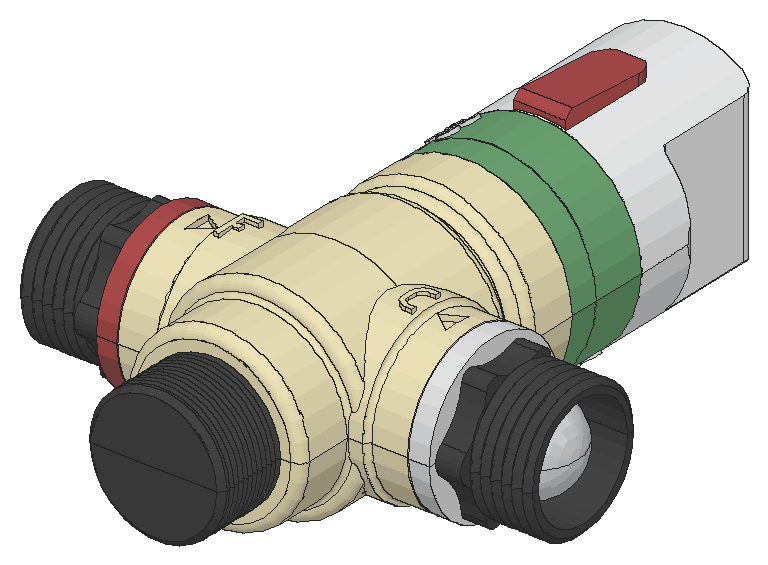
Revit family "29003-presto", category Plumbing Fixtures, Revit 2022
Family settings
  Round Connector Dimension = Use Diameter
  Part Type = Normal
  OmniClass Number = 23.45.00.00
  OmniClass Title = Sanitary, Laundry, and Cleaning Equipment
  Work Plane-Based = Yes
  Always vertical = Yes
  Cut with Voids When Loaded = No
  Maintain Annotation Orientation = No
  Shared = No
  Room Calculation Point = No
Parameters (values of type "29003- Les Robinets PRESTO")
  temperature hot wotar = 80 °C
  ref = "29003 - Thermostatic mixing valve with disconnectable temperature control"
  range = "Safety Thermostatic Mixing Valve"
  pressure = 5.0 bar
  min pressure = 1.0 bar
  min flow = 5.0 L/min
  material 6 = red
  material 5 = stan
  material 3 = po
  material 2 = chroome
  material 1 = Copper
  material = none
  flow = 43.0 L/min
  brand = "Les Robinets PRESTO"
  URL = "https://www.prestodatashare.com/espacedoc/Fiches_Techniques/GB/29003.pdf"
  Stability of mixed water temperature = 2 °C
  Recommended pressure = 3.0 bar
  REF [instance] = "29003 - Thermostatic mixing valve with disconnectable temperature control"
  RANGE [instance] = "Safety Thermostatic Mixing Valve"
  Model = "Thermostatic mixing valve with disconnectable temperature control"
  Minimum differential temperature = 15 °C
  Description = "2 Filter gaskets\r\n2 NF check valves"
  Default Elevation = 1219.2 mm
  Assembly Code = "29003"
  > Standards & approvals = "200-hour neutral salt spray resistant (NSS) in accordance with ISO 9227 Brass body in accordance with EN 1982, EN 12164, EN 12156"
  -Delivered with = "2 Filter gaskets\r\n2 NF check valves"
  - Hydraulic supply = 20.00 mm
Reference planes
  plane 1 "Center (Front/Back)": y = 0
  plane 2: z = 0
  plane 3 "Center (Left/Right)": x = 0
Forms (mm)
  Revolve 1, solid, material "chroome" <- "material 2"
    sketch origin (0, -43.761, 0) x (1, 0, 0) y (0, 1, 0)
      loop
        arc (17.653, 48.804) -> (18.002, 49.935) -> (18.928, 50.674) r 2.009
        arc (18.928, 50.674) -> (19.854, 51.412) -> (20.203, 52.544) r 2.009
        line (20.203, 52.544) -> (20.16, 60.994) -> (0, 60.994) -> (0, -0.281) -> (15.18, -0.281)
        arc (15.18, -0.281) -> (16.601, 0.307) -> (17.189, 1.728) r 2.009
        line (17.189, 1.728) -> (17.189, 10.517)
        arc (17.189, 10.517) -> (17.415, 11.151) -> (17.99, 11.501) r 1.005
        arc (17.99, 11.501) -> (19.564, 11.991) -> (20.241, 13.495) r 2.009
        line (20.241, 13.495) -> (20.241, 29.2) -> (20.241, 44.904)
        arc (20.241, 44.904) -> (19.886, 46.044) -> (18.947, 46.782) r 2.009
        arc (18.947, 46.782) -> (18.008, 47.519) -> (17.653, 48.659) r 2.009
      axis (0, 60.994) -> (0, -0.281)
    angle from 0 to 360
  Revolve 2, solid, material "Copper" <- "material 1"
    sketch origin (0, -43.761, 0) x (1, 0, 0) y (0, 1, 0)
      loop
        line (0, -14.387) -> (12.139, -14.387) -> (13.157, -13.369) -> (12.167, -13.369) -> (13.171, -12.789) -> (12.167, -12.255) -> (13.171, -11.675) -> (12.167, -11.141) -> (13.171, -10.561) -> (12.167, -10.027) -> (13.171, -9.447) -> (12.167, -8.913) -> (13.171, -8.333) -> (12.167, -7.798) -> (13.171, -7.219) -> (12.167, -6.684) -> (13.171, -6.104) -> (12.167, -5.57) -> (13.171, -4.99) -> (12.167, -4.456) -> (13.171, -3.876) -> (12.167, -3.342) -> (13.171, -2.762) -> (12.167, -2.228) -> (13.171, -1.648) -> (12.167, -1.114) -> (13.171, -0.534) -> (12.167, 0) -> (0, 0) -> (0, -14.387)
      axis (0, 0) -> (0, -14.387)
    angle from 0 to 360
  Revolve 3, solid, material "po" <- "material 3"
    sketch origin (0, -43.761, 0) x (1, 0, 0) y (0, 1, 0)
      loop
        line (0, 60.994) -> (20.075, 60.994) -> (20.075, 67.021) -> (0, 67.021) -> (0, 60.994)
      axis (0, 67.021) -> (0, 60.994)
    angle from 0 to 360
  Revolve 4, solid, material "po" <- "material 3"
    sketch origin (0, -37.733, 0) x (1, 0, 0) y (0, 1, 0)
      loop
        line (0, 60.994) -> (20.075, 60.994) -> (20.075, 71.933) -> (0, 71.933) -> (0, 60.994)
      axis (0, 71.933) -> (0, 60.994)
    angle from 0 to 360
  Revolve 5, solid, material "stan" <- "material 5"
    sketch origin (0, -43.761, 0) x (1, 0, 0) y (0, 1, 0)
      loop
        line (0, 77.96) -> (20.075, 77.96) -> (20.075, 113.229) -> (0, 113.229) -> (0, 77.96)
      axis (0, 113.229) -> (0, 77.96)
    angle from 0 to 360
  Extrusion 6, void
    sketch origin (0, -43.761, 0) x (1, 0, 0) y (0, 1, 0)
      loop
        line (14.048, 110.229) -> (14.048, 91.229)
        arc (14.048, 91.229) -> (14.341, 90.522) -> (15.048, 90.229) r 1
        line (15.048, 90.229) -> (19.075, 90.229)
        arc (19.075, 90.229) -> (19.782, 89.936) -> (20.075, 89.229) r 1
        line (20.075, 89.229) -> (21.048, 89.229) -> (21.048, 118.229) -> (11.048, 118.229) -> (11.048, 113.229)
        arc (11.048, 113.229) -> (13.169, 112.35) -> (14.048, 110.229) r 3
      loop
        arc (-14.048, 110.229) -> (-13.169, 112.35) -> (-11.048, 113.229) r 3
        line (-11.048, 113.229) -> (-11.048, 118.229) -> (-21.048, 118.229) -> (-21.048, 89.229) -> (-20.075, 89.229)
        arc (-20.075, 89.229) -> (-19.782, 89.936) -> (-19.075, 90.229) r 1
        line (-19.075, 90.229) -> (-15.048, 90.229)
        arc (-15.048, 90.229) -> (-14.341, 90.522) -> (-14.048, 91.229) r 1
        line (-14.048, 91.229) -> (-14.048, 110.229)
    from -23.634 to 250
  Revolve 7, solid
    sketch origin (0, -43.761, 0) x (1, 0, 0) y (0, 1, 0)
      loop
        line (0, 113.229) -> (8.939, 113.229)
        arc (8.939, 113.229) -> (8.61, 113.634) -> (8.122, 113.82) r 1.005
        arc (8.122, 113.82) -> (4.066, 114.13) -> (0, 114.233) r 80.361
        line (0, 114.233) -> (0, 113.229)
      axis (0, 113.229) -> (0, 114.233)
    angle from 0 to 360
  Extrusion 8, solid
    sketch origin (-11.124, 100.879, -8.076) x (0.809017, 0, 0.587785) y (0, 1, 0)
      loop
        arc (13.417, -70.024) -> (11.82, -71.084) -> (12.688, -69.375) r 0.991
        line (12.688, -69.375) -> (12.535, -68.507)
        arc (12.535, -68.507) -> (10.733, -70.914) -> (13.686, -71.481) r 1.773
        arc (13.686, -71.481) -> (17.046, -71.249) -> (15.258, -68.394) r 1.964
        line (15.258, -68.394) -> (15.162, -69.295)
        arc (15.162, -69.295) -> (15.855, -71.343) -> (14.229, -69.918) r 1.119
        line (14.229, -69.918) -> (13.417, -70.024)
      loop
        arc (15.202, -73.63) -> (14.803, -75.922) -> (14.167, -73.685) r 1.193
        line (14.167, -73.685) -> (14.062, -72.827) -> (11.046, -73.197) -> (11.046, -76.384) -> (11.939, -76.384) -> (11.939, -74.243) -> (12.794, -74.092)
        arc (12.794, -74.092) -> (15.563, -76.455) -> (15.272, -72.827) r 1.969
        line (15.272, -72.827) -> (15.202, -73.63)
    from -20.248 to -19.629
  Extrusion 9, solid
    sketch origin (-34.387, 100.879, 24.381) x (0.809017, 0, 0.587785) y (0, 1, 0)
      loop
        arc (13.417, -70.024) -> (11.82, -71.084) -> (12.688, -69.375) r 0.991
        line (12.688, -69.375) -> (12.535, -68.507)
        arc (12.535, -68.507) -> (10.733, -70.914) -> (13.686, -71.481) r 1.773
        arc (13.686, -71.481) -> (17.046, -71.249) -> (15.258, -68.394) r 1.964
        line (15.258, -68.394) -> (15.162, -69.295)
        arc (15.162, -69.295) -> (15.855, -71.343) -> (14.229, -69.918) r 1.119
        line (14.229, -69.918) -> (13.417, -70.024)
      loop
        arc (15.202, -73.63) -> (14.803, -75.922) -> (14.167, -73.685) r 1.193
        line (14.167, -73.685) -> (14.062, -72.827) -> (11.046, -73.197) -> (11.046, -76.384) -> (11.939, -76.384) -> (11.939, -74.243) -> (12.794, -74.092)
        arc (12.794, -74.092) -> (15.563, -76.455) -> (15.272, -72.827) r 1.969
        line (15.272, -72.827) -> (15.202, -73.63)
    from -20.248 to -19.629
  Revolve 10, solid, material "chroome" <- "material 2"
    sketch origin (0, -43.761, 0) x (1, 0, 0) y (0, 1, 0)
      loop
        line (28.014, 27.343) -> (28.014, 42.913) -> (20.985, 42.913)
        arc (20.985, 42.913) -> (20.3, 43.197) -> (20.016, 43.881) r 0.968
        line (20.016, 43.881) -> (-20.016, 43.881)
        arc (-20.016, 43.881) -> (-20.3, 43.197) -> (-20.985, 42.913) r 0.968
        line (-20.985, 42.913) -> (-28.014, 42.913) -> (-28.014, 27.343) -> (28.014, 27.343)
      axis (28.014, 27.343) -> (-28.014, 27.343)
    angle from 0 to 360
  Extrusion 11, void
    sketch origin (0, -43.761, 0) x (1, 0, 0) y (0, 1, 0)
      loop
        line (25.155, 30.021) -> (21.215, 27.415) -> (25.155, 24.472) -> (25.155, 30.021)
    from 14.341 to 250
  Extrusion 12, void
    sketch origin (0, -43.761, 0) x (-1, 0, 0) y (0, -1, 0)
      loop
        line (25.155, -30.021) -> (25.155, -24.472) -> (21.215, -27.415) -> (25.155, -30.021)
    from 14.341 to 250
  Revolve 13, solid, material "Default New Material"
    sketch origin (0, -43.761, 0) x (1, 0, 0) y (0, 1, 0)
      loop
        line (28.239, 27.343) -> (32.257, 27.343) -> (32.257, 42.913) -> (28.239, 42.913) -> (28.239, 27.343)
      axis (32.257, 27.343) -> (28.239, 27.343)
    angle from 0 to 360
  Revolve 14, solid, material "red"
    sketch origin (-60.271, -43.761, 0) x (1, 0, 0) y (0, 1, 0)
      loop
        line (28.239, 27.343) -> (32.257, 27.343) -> (32.257, 42.913) -> (28.239, 42.913) -> (28.239, 27.343)
      axis (32.257, 27.343) -> (28.239, 27.343)
    angle from 0 to 360
  Extrusion 15, solid, material "Copper" <- "material 1"
    sketch origin (0, -43.136, 0) x (0, 1, 0) y (0, 0, 1)
      loop
        arc (33.86, 11.272) -> (32.887, 12.754) -> (31.117, 12.855) r 1.972
        arc (31.117, 12.855) -> (26.258, 11.848) -> (21.398, 12.855) r 12.224
        arc (21.398, 12.855) -> (19.629, 12.754) -> (18.656, 11.272) r 1.972
        arc (18.656, 11.272) -> (17.099, 6.56) -> (13.796, 2.855) r 12.224
        arc (13.796, 2.855) -> (12.36, 0) -> (13.796, -2.855) r 3.556
        arc (13.796, -2.855) -> (17.099, -6.56) -> (18.656, -11.272) r 12.224
        arc (18.656, -11.272) -> (19.629, -12.754) -> (21.398, -12.855) r 1.972
        arc (21.398, -12.855) -> (26.258, -11.848) -> (31.117, -12.855) r 12.224
        arc (31.117, -12.855) -> (32.887, -12.754) -> (33.86, -11.272) r 1.972
        arc (33.86, -11.272) -> (35.7, -5.704) -> (39.602, -1.326) r 14.444
        arc (39.602, -1.326) -> (40.269, 0) -> (39.602, 1.326) r 1.652
        arc (39.602, 1.326) -> (35.7, 5.704) -> (33.86, 11.272) r 14.444
    from 32.257 to 37.279
  Revolve 16, solid, material "Copper" <- "material 1"
    sketch origin (0, -43.761, 0) x (1, 0, 0) y (0, 1, 0)
      loop
        line (49.369, 38.082) -> (49.369, 39.397) -> (48.329, 40.437) -> (47.269, 39.378) -> (46.245, 40.402) -> (45.241, 39.397) -> (44.236, 40.402) -> (43.232, 39.397) -> (42.227, 40.402) -> (41.223, 39.397) -> (40.218, 40.402) -> (39.214, 39.397) -> (38.209, 40.402) -> (37.279, 39.472) -> (37.279, 38.082) -> (49.369, 38.082)
      axis (37.279, 27.247) -> (49.369, 27.247)
    angle from 0 to 360
  Extrusion 17, solid, material "Copper" <- "material 1"
    sketch origin (0, -43.136, 0) x (0, 1, 0) y (0, 0, -1)
      loop
        arc (33.86, -11.272) -> (35.7, -5.704) -> (39.602, -1.326) r 14.444
        arc (39.602, -1.326) -> (40.269, 0) -> (39.602, 1.326) r 1.652
        arc (39.602, 1.326) -> (35.7, 5.704) -> (33.86, 11.272) r 14.444
        arc (33.86, 11.272) -> (32.887, 12.754) -> (31.117, 12.855) r 1.972
        arc (31.117, 12.855) -> (26.258, 11.848) -> (21.398, 12.855) r 12.224
        arc (21.398, 12.855) -> (19.629, 12.754) -> (18.656, 11.272) r 1.972
        arc (18.656, 11.272) -> (17.099, 6.56) -> (13.796, 2.855) r 12.224
        arc (13.796, 2.855) -> (12.36, 0) -> (13.796, -2.855) r 3.556
        arc (13.796, -2.855) -> (17.099, -6.56) -> (18.656, -11.272) r 12.224
        arc (18.656, -11.272) -> (19.629, -12.754) -> (21.398, -12.855) r 1.972
        arc (21.398, -12.855) -> (26.258, -11.848) -> (31.117, -12.855) r 12.224
        arc (31.117, -12.855) -> (32.887, -12.754) -> (33.86, -11.272) r 1.972
    from 32.257 to 37.279
  Extrusion 18, solid, material "red" <- "material 6"
    sketch origin (0, -43.761, 0) x (1, 0, 0) y (0, 1, 0)
      loop
        arc (0.088, 101.071) -> (-3.408, 99.653) -> (-4.861, 96.171) r 4.9
        line (-4.861, 96.171) -> (-4.861, 78.071) -> (5.139, 78.071) -> (5.139, 96.071)
        arc (5.139, 96.071) -> (3.656, 99.624) -> (0.088, 101.071) r 5
    from 0 to 22.703
  Extrusion 19, void
    sketch origin (0, -43.917, 0) x (0, 1, 0) y (0, 0, 1)
      loop
        line (78.665, 18.982) -> (78.665, 20.956)
        arc (78.665, 20.956) -> (79.371, 21.796) -> (80.33, 22.33) r 3.035
        line (80.33, 22.33) -> (100.492, 20.92) -> (100.492, 18.486) -> (102.781, 18.486) -> (102.781, 23.846) -> (77.042, 23.846) -> (77.042, 18.982) -> (78.665, 18.982)
    from -37.055 to 28.239
  Extrusion 20, solid
    sketch origin (14.187, -43.761, -5.782) x (0.838671, 0, -0.544639) y (0, 1, 0)
      loop
        line (-13.808, 74.332) -> (-13.808, 76.123) -> (-16.366, 74.332) -> (-13.808, 74.332)
      loop
        line (-17.428, 73.588) -> (-13.808, 73.588) -> (-13.808, 72.578) -> (-13.001, 72.578) -> (-13.001, 73.407) -> (-11.9, 73.407) -> (-11.9, 74.332) -> (-13.001, 74.332) -> (-13.001, 76.978) -> (-13.808, 76.978) -> (-17.428, 74.443) -> (-17.428, 73.588)
      loop
        line (-15.815, 71.493) -> (-15.815, 72.495)
        arc (-15.815, 72.495) -> (-17.82, 69.687) -> (-14.454, 68.934) r 2.069
        arc (-14.454, 68.934) -> (-13.6, 69.775) -> (-12.767, 70.637) r 48.604
        line (-12.767, 70.637) -> (-12.767, 68.65) -> (-11.9, 68.65) -> (-11.9, 72.286)
        arc (-11.9, 72.286) -> (-12.344, 72.261) -> (-12.741, 72.06) r 1.092
        arc (-12.741, 72.06) -> (-13.293, 71.546) -> (-13.808, 70.994) r 10.863
        arc (-13.808, 70.994) -> (-14.47, 70.318) -> (-15.146, 69.655) r 47.604
        arc (-15.146, 69.655) -> (-16.892, 70.061) -> (-15.815, 71.493) r 1.069
    from -23.054 to -22.768
  Extrusion 21, solid, material "chroome"
    sketch origin (0, -43.761, 0) x (1, 0, 0) y (0, 1, 0)
      loop
        line (18.84, 24.262) -> (18.84, 25.267) -> (17.565, 25.267)
        arc (17.565, 25.267) -> (16.5, 25.708) -> (16.058, 26.773) r 1.507
        line (16.058, 26.773) -> (16.058, 28.537)
        arc (16.058, 28.537) -> (16.5, 29.603) -> (17.565, 30.044) r 1.507
        line (17.565, 30.044) -> (18.84, 30.044) -> (18.84, 31.049) -> (17.565, 31.049)
        arc (17.565, 31.049) -> (15.789, 30.313) -> (15.054, 28.537) r 2.511
        line (15.054, 28.537) -> (15.054, 26.773)
        arc (15.054, 26.773) -> (15.789, 24.998) -> (17.565, 24.262) r 2.511
        line (17.565, 24.262) -> (18.84, 24.262)
    from 0 to 16.903
  Extrusion 22, solid, material "chroome"
    sketch origin (0, -43.761, 0) x (1, 0, 0) y (0, 1, 0)
      loop
        line (-18.46, 27.44) -> (-17.118, 27.44) -> (-17.118, 28.708) -> (-18.517, 28.708) -> (-18.517, 30.484) -> (-15.646, 30.484) -> (-15.646, 31.442) -> (-19.522, 31.442) -> (-19.522, 24.4) -> (-18.46, 24.4) -> (-18.46, 27.44)
    from 0 to 16.903
  Revolve 23, solid
    sketch origin (-1.875, 0, 0) x (1, 0, 0) y (0, 1, 0)
      loop
        arc (32.257, -16.514) -> (41.279, -25.536) -> (50.301, -16.514) r 9.022
        line (50.301, -16.514) -> (32.257, -16.514)
      axis (32.257, -16.514) -> (50.301, -16.514)
    angle from 0 to 360
  Revolve 24, solid, material "Copper" <- "material 1"
    sketch origin (0, -43.761, 0) x (-1, 0, 0) y (0, -1, 0)
      loop
        line (49.369, -38.082) -> (37.279, -38.082) -> (37.279, -39.472) -> (38.209, -40.402) -> (39.214, -39.397) -> (40.218, -40.402) -> (41.223, -39.397) -> (42.227, -40.402) -> (43.232, -39.397) -> (44.236, -40.402) -> (45.241, -39.397) -> (46.245, -40.402) -> (47.269, -39.378) -> (48.329, -40.437) -> (49.369, -39.397) -> (49.369, -38.082)
      axis (37.279, -27.247) -> (49.369, -27.247)
    angle from 0 to 360
  Revolve 25, solid
    sketch origin (1.875, 0, 0) x (-1, 0, 0) y (0, -1, 0)
      loop
        line (32.257, 16.514) -> (50.301, 16.514)
        arc (50.301, 16.514) -> (41.279, 25.536) -> (32.257, 16.514) r 9.022
      axis (32.257, 16.514) -> (50.301, 16.514)
    angle from 0 to 360
Cuts and joins
  Extrusion 6 cuts Revolve 5
  Extrusion 11, Extrusion 12 cuts Revolve 10
  Extrusion 19 cuts Extrusion 18
Dimensions and locks
  aligned and locked: level to plane 2
Connectors
  piping at (-49.369, -16.514, 0), diameter 20
    settings: on Revolve 24, index 1, connector inside diameter 609.6 mm, connector length 0 mm, flow factor 0, pipe flow 0.0 L/min, pressure drop 0.0 bar, fitting loss kfactor 0, connector angle 0.00°, fixture units 0, engagement length 0 mm, angle of deflection 0.00°, flow configuration 0, flow direction 0, fitting loss method 0, system type 7, joint type 0, gender type 0, connector reference index -1, connector utility 0, adjustable connector no, is connector primary yes, connector description ""
  piping at (49.369, -16.514, 0), diameter 20
    settings: on Revolve 16, index 2, connector inside diameter 609.6 mm, connector length 0 mm, flow factor 0, pipe flow 0.0 L/min, pressure drop 0.0 bar, fitting loss kfactor 0, connector angle 0.00°, fixture units 0, engagement length 0 mm, angle of deflection 0.00°, flow configuration 0, flow direction 0, fitting loss method 0, system type 7, joint type 0, gender type 0, connector reference index -1, connector utility 0, adjustable connector no, is connector primary no, connector description ""
  piping at (0, -58.148, 0), diameter 20
    settings: on Revolve 2, index 3, connector inside diameter 609.6 mm, connector length 0 mm, flow factor 0, pipe flow 0.0 L/min, pressure drop 0.0 bar, fitting loss kfactor 0, connector angle 0.00°, fixture units 0, engagement length 0 mm, angle of deflection 0.00°, flow configuration 0, flow direction 0, fitting loss method 0, system type 7, joint type 0, gender type 0, connector reference index -1, connector utility 0, adjustable connector no, is connector primary no, connector description ""
